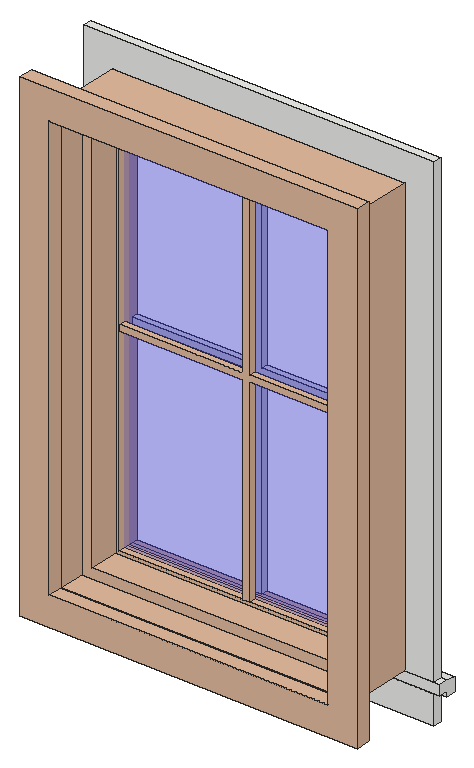
Revit family "a2eb19fcceb04a8a83b6a817a2debbfc", category Windows, host Wall, Revit 2026
Family settings
  Host = Wall
  Always vertical = Yes
  Cut with Voids When Loaded = No
  Shared = No
  Room Calculation Point = No
Parameters (values of type "600 x 900mm")
  Window Inset [instance] = 0 mm
  Wall Thickness [instance] = 150 mm
  Visual Light Transmittance = 0.81
  Thermal Resistance (R) = 0.319569 (m²·K)/W
  Solar Heat Gain Coefficient = 0.76
  Rough Width = Width + 15 mm  # 615 mm
  Rough Height = Height + 15 mm  # 915 mm
  Muntin Visibility = yes
  Muntin Pattern = M_Muntin Pattern_2x2 : M_Muntin Pattern_2x2
  Interior Wall Closure [instance] = 54.75 mm
  Interior Trim Visibility [instance] = yes
  Interior Trim Material = Wood - Stained
  Interior Trim = M_Trim-Window-Interior-Flat : Picture Frame
  Height = 900 mm
  Interior Frame Material = Wood - Stained
  Heat Transfer Coefficient (U) = 3.12929 W/(m²·K)
  Glass Panel Material = Glass
  Frame Extension [instance] = if(Exterior Trim Visibility, Window Inset + 6.35 mm, 6.35 mm)  # 6.35 mm
  Fire Rating = "0.5h"
  Exterior Wall Closure [instance] = 31.75 mm
  Exterior Trim Visibility [instance] = yes
  Exterior Trim Material = Clad - White
  Exterior Trim = M_Trim-Window-Exterior-Flat : with Sill
  Exterior Frame Material = Clad - White
  Extension Jamb Visibility [instance] = and(Interior Trim Visibility, Wall Thickness - Window Inset > 95.25 mm)  # yes
  Extension Jamb [instance] = if(Wall Thickness - Window Inset > 95.25 mm, Wall Thickness - Window Inset - 95.25 mm, 25.4 mm)  # 54.75 mm
  Default Sill Height = 900 mm
  Wall Closure = By host
  Width = 600 mm
  Analytic Construction = "Double glazing - domestic"
Reference planes
  plane 1 "Center (Front/Back)": y = 0
  plane 2: z = 0
  plane 3 "Center (Left/Right)": x = 0
  plane 4 "Left": x = -300
  plane 5 "Right": x = 300
  plane 6 "Sill": z = 900
  plane 7 "Top": z = 1800
  plane 8 "Inset Face": y = 75
  plane 9 "Wall Closure": y = -20.25
  plane 10 "Sash Face": y = 87.7
  plane 11 "Exterior": y = 75
  plane 12: x = 287.3
  plane 13: x = -287.3
  plane 14: z = 1787.3
  plane 15: z = 912.7
  plane 16: y = 55.95
  plane 17 "Glass": y = 65.475
  plane 18: y = 94.05
  plane 19: y = 94.05
  plane 20 "Interior": y = -75
  plane 21 "Jamb": y = -20.25
  plane 22 "Middle": z = 1350
  plane 23: z = 1350
  plane 24: x = 268.25
  plane 25: x = 261.9
  plane 26: x = -261.9
  plane 27: x = 261.9
  plane 28: z = 1761.9
  plane 29: z = 938.1
  plane 30: y = -20.25
  plane 31: y = 43.25
  plane 32: y = 94.05
Forms (mm)
  Sweep 1, solid, material "Wood - Stained" <- "Interior Frame Material"
    path origin (0, 87.7, 0) x (-1, 0, 0) y (0, 0, 1)
      loop
        line (-300, 900) -> (300, 900) -> (300, 1800) -> (-300, 1800) -> (-300, 900)
    profile origin (300, 87.7, 1350) x (1, 0, 0) y (0, 1, 0)
      loop
        line (0, 6.35) -> (-12.7, 6.35) -> (-12.7, -44.45) -> (-31.75, -44.45) -> (-31.75, -107.95) -> (0, -107.95) -> (0, 6.35)
  Extrusion 2, solid, material "Wood - Stained" <- "Interior Frame Material", visible <- "Extension Jamb Visibility"
    sketch origin (0, 0, 0) x (1, 0, 0) y (0, 0, 1)
      loop
        line (300, 1800) -> (-300, 1800) -> (-300, 900) -> (300, 900) -> (300, 1800)
      loop
        line (287.3, 912.7) -> (287.3, 1787.3) -> (-287.3, 1787.3) -> (-287.3, 912.7) -> (287.3, 912.7)
    from 20.25 to 75
  Sweep 3, solid, material "Wood - Stained" <- "Interior Frame Material"
    path origin (0, 87.7, 0) x (-1, 0, 0) y (0, 0, 1)
      loop
        line (-287.3, 1787.3) -> (-287.3, 912.7) -> (287.3, 912.7) -> (287.3, 1787.3) -> (-287.3, 1787.3)
    profile origin (287.3, 87.7, 1350) x (0, 1, 0) y (-1, 0, 0)
      loop
        line (0, 0) -> (0, 25.4) -> (-44.45, 25.4) -> (-44.45, 0) -> (0, 0)
  Extrusion 4, solid, material "Glass" <- "Glass Panel Material"
    sketch origin (0, 0, 900) x (0, -1, 0) y (1, 0, 0)
      loop
        line (-75, -261.9) -> (-68.65, -261.9) -> (-68.65, 261.9) -> (-75, 261.9) -> (-75, -261.9)
      loop
        line (-55.95, 261.9) -> (-62.3, 261.9) -> (-62.3, -261.9) -> (-55.95, -261.9) -> (-55.95, 261.9)
    from 38.1 to 861.9
Lines and regions (mm)
  Opening 1
    outline origin (-1524, -75, 0) x (1, 0, 0) y (0, 0, 1)
      loop
        line (1224, 1800) -> (1224, 900) -> (1824, 900) -> (1824, 1800) -> (1224, 1800)
  Split face 1
    outline origin (261.9, 87.7, 938.1) x (-1, 0, 0) y (0, -1, 0)
      loop
        line (523.8, 12.7) -> (0, 12.7)
  Split face 2
    outline origin (261.9, 87.7, 1761.9) x (0, 0, -1) y (0, -1, 0)
      loop
        line (0, 12.7) -> (823.8, 12.7)
  Split face 3
    outline origin (-261.9, 87.7, 938.1) x (0, 0, 1) y (0, -1, 0)
      loop
        line (823.8, 12.7) -> (0, 12.7)
  Split face 4
    outline origin (-261.9, 87.7, 1761.9) x (0, -1, 0) y (1, 0, 0)
      loop
        line (12.7, 0) -> (12.7, 523.8)
  Split face 5
    outline origin (287.3, 43.25, 912.7) x (0, 0, 1) y (0, 1, 0)
      loop
        line (874.6, 31.75) -> (0, 31.75)
  Split face 6
    outline origin (-287.3, 43.25, 912.7) x (1, 0, 0) y (0, 1, 0)
      loop
        line (0, 31.75) -> (574.6, 31.75)
  Split face 7
    outline origin (-287.3, 43.25, 1787.3) x (0, 0, -1) y (0, 1, 0)
      loop
        line (874.6, 44.45) -> (0, 44.45)
  Split face 8
    outline origin (287.3, 43.25, 1787.3) x (0, 1, 0) y (-1, 0, 0)
      loop
        line (44.45, 0) -> (44.45, 574.6)
Text (mm)
  text "EXTERIOR" at (-1490.695, 1293.036, 0), in view "Ref. Level"
  text "INTERIOR" at (-1490.695, -959.266, 0), in view "Ref. Level"
  text "Exterior" at (0, 1108.87, 3129.179), in view "Left"
  text "Exterior" at (0, 464.664, 3176.206), in view "Right"
Dimensions and locks
  equal spacing: plane 4 "Left", plane 3 "Center (Left/Right)", plane 5 "Right"
  "Width": plane 4 "Left" to plane 5 "Right"
  "Height": plane 6 "Sill" to plane 7 "Top"
  "Default Sill Height": plane 2 to plane 6 "Sill"
  locked: plane 10 "Sash Face" to plane 8 "Inset Face" at 12.7
  "Wall Thickness": host wall to host wall
  "Window Inset": plane 11 "Exterior" to plane 8 "Inset Face"
  locked: Sweep 1 sketch curve to plane 5 "Right" at 12.7
  locked: plane 12 to plane 5 "Right" at 12.7
  locked: plane 4 "Left" to plane 13 at 12.7
  locked: plane 14 to plane 7 "Top" at 12.7
  locked: plane 6 "Sill" to plane 15 at 12.7
  plane 16 to Sweep 3 = 12.7 mm
  equal spacing: plane 8 "Inset Face", plane 17 "Glass", plane 16
  locked: plane 8 "Inset Face" to plane 16 at 19.05
  locked: plane 18 to plane 11 "Exterior" at 19.05
  locked: plane 19 to plane 10 "Sash Face" at 6.35
  "Extension Jamb": plane 21 "Jamb" to plane 20 "Interior"
  locked: plane 8 "Inset Face" to plane 9 "Wall Closure" at 95.25
  equal spacing: plane 6 "Sill", plane 23, plane 7 "Top"
  plane 24 to plane 5 "Right" = 31.75 mm
  plane 25 to plane 12 = 25.4 mm
  locked: plane 4 "Left" to plane 26 at 38.1
  locked: plane 7 "Top" to plane 28 at 38.1
  locked: plane 29 to plane 6 "Sill" at 38.1
  locked: plane 27 to plane 5 "Right" at 38.1
  level to host wall = 7010.4 mm
  "Interior Wall Closure": plane 30 to plane 20 "Interior"
  "Exterior Wall Closure": plane 11 "Exterior" to plane 31
  "Frame Extension": plane 32 to plane 10 "Sash Face"
  aligned and locked: plane 7 "Top" to Opening 1 sketch curve
  aligned and locked: plane 6 "Sill" to Opening 1 sketch curve  (x2)
  aligned and locked: plane 5 "Right" to Opening 1 sketch curve
  aligned and locked: plane 4 "Left" to Opening 1 sketch curve
  aligned and locked: level to plane 2
  aligned and locked: host wall to plane 11 "Exterior"
  aligned and locked: plane 5 "Right" to Sweep 1 sketch curve
  aligned and locked: plane 7 "Top" to Sweep 1 sketch curve
  aligned and locked: Sweep 1 sketch curve to plane 4 "Left"
  aligned and locked: Sweep 1 sketch curve to plane 6 "Sill"
  aligned and locked: Extrusion 2 sketch curve to host wall  (x3)
  aligned and locked: plane 7 "Top" to Extrusion 2 sketch curve
  aligned and locked: host wall to Extrusion 2
  aligned and locked: Sweep 3 sketch curve to plane 12  (x2)
  aligned and locked: Sweep 3 sketch curve to plane 15
  aligned and locked: Split face 1 sketch curve to plane 8 "Inset Face"
  aligned and locked: plane 8 "Inset Face" to Split face 2 sketch curve
  aligned and locked: plane 8 "Inset Face" to Split face 3 sketch curve
  aligned and locked: Split face 4 sketch curve to plane 8 "Inset Face"
  aligned and locked: Extrusion 4 sketch curve to plane 8 "Inset Face"
  aligned and locked: Sweep 3 to Extrusion 4 sketch curve
  aligned and locked: Extrusion 4 sketch curve to plane 16
  aligned and locked: Extrusion 4 sketch curve to Sweep 3
  aligned and locked: plane 20 "Interior" to host wall
  aligned and locked: plane 21 "Jamb" to Extrusion 2
  aligned and locked: plane 9 "Wall Closure" to Sweep 1
  aligned and locked: nested 2 to plane 4 "Left"
  aligned and locked: plane 11 "Exterior" to nested 2
  aligned and locked: profile plane to Sweep 3 sketch curve
  aligned and locked: plane 13 to Sweep 3 sketch curve
  aligned and locked: plane 12 to Extrusion 2 sketch curve
  aligned and locked: Extrusion 2 sketch curve to plane 14
  aligned and locked: Extrusion 2 sketch curve to plane 13
  aligned and locked: plane 15 to Extrusion 2 sketch curve
  aligned and locked: plane 23 to plane 22 "Middle"
  aligned and locked: plane 14 to Sweep 3 sketch curve
  aligned and locked: Sweep 1 sketch curve to Sweep 3
  aligned and locked: Sweep 3 sketch curve to plane 25
  aligned and locked: Extrusion 4 sketch curve to plane 25  (x2)
  aligned and locked: Extrusion 4 to Sweep 3  (x2)
  aligned and locked: plane 8 "Inset Face" to Split face 5 sketch curve
  aligned and locked: Split face 6 sketch curve to plane 8 "Inset Face"
  aligned and locked: Split face 7 sketch curve to plane 10 "Sash Face"
  aligned and locked: plane 10 "Sash Face" to Split face 8 sketch curve
  aligned and locked: plane 7 "Top" to nested 2
  aligned and locked: nested 1 to plane 29
  aligned and locked: plane 15 to Extrusion 2
  aligned and locked: Extrusion 2 to plane 14
  aligned and locked: plane 17 "Glass" to nested 1
  aligned and locked: nested 1 to plane 28
  aligned and locked: plane 25 to nested 1
  aligned and locked: plane 26 to nested 1
  aligned and locked: plane 7 "Top" to nested 3
  aligned and locked: nested 3 to plane 3 "Center (Left/Right)"
  aligned and locked: plane 7 "Top" to nested 4
  aligned and locked: plane 3 "Center (Left/Right)" to nested 4
  aligned and locked: plane 32 to Sweep 1 sketch curve
Automatic sketch dimensions
  Sweep 3 sketch curve to plane 10 "Sash Face" = 44.45 mm
  Split face 1 sketch curve to Sweep 3 = 0 mm  (x2)
  Sweep 3 to Split face 2 sketch curve = 0 mm
  Split face 2 sketch curve to Sweep 3 = 0 mm
  Split face 3 sketch curve to Sweep 3 = 0 mm
  Sweep 3 to Split face 3 sketch curve = 0 mm
  Split face 4 sketch curve to Sweep 3 = 0 mm  (x2)
  plane 17 "Glass" to Extrusion 4 sketch curve = 3.175 mm
  Extrusion 4 sketch curve to plane 17 "Glass" = 3.175 mm
  Sweep 1 sketch curve to profile plane = 0 mm
  profile plane to Sweep 1 sketch curve = 31.75 mm
  Sweep 1 sketch curve to plane 10 "Sash Face" = 107.95 mm
  Split face 5 sketch curve to Sweep 1 = 0 mm
  Sweep 1 to Split face 5 sketch curve = 0 mm
  Split face 6 sketch curve to Sweep 1 = 0 mm  (x2)
  Sweep 1 to Split face 7 sketch curve = 0 mm
  Split face 7 sketch curve to Sweep 1 = 0 mm
  Split face 8 sketch curve to Sweep 1 = 0 mm  (x2)
Nested families
  nested 1: "M_Muntin Pattern_2x2" at (0, 65.475, 938.1) x (-1, 0, 0) z (0, 0, 1), type <- "Muntin Pattern", Exterior Material <- "Exterior Frame Material", Interior Material <- "Interior Frame Material", visible <- "Muntin Visibility", type "M_Muntin Pattern_2x2"
    with Width 523.8 mm, Interior Material Wood - Stained, Height 823.8 mm, Exterior Material Clad - White
  nested 2: "M_Plan-Fixed" at (0, 75, 900) x (-1, 0, 0) z (0, 0, 1), Width <- "Width", Wall Thickness <- "Wall Thickness", Height <- "Height", Window Inset <- "Window Inset", type "M_Plan-Fixed"
    with Window Inset of 3D 0 mm, Window Inset 0 mm, Width 600 mm, Wall Thickness 150 mm, Height 900 mm
  nested 3: "M_Trim-Window-Exterior-Flat" at (0, 75, 1800) x (-1, 0, 0) z (0, 1, 0), visible <- "Exterior Trim Visibility", Trim Material <- "Exterior Trim Material", Opening Width <- "Width", Opening Height <- "Height", type <- "Exterior Trim", type "with Sill"
    with Trim Material Clad - White, Opening Width 600 mm, Opening Height 900 mm
  nested 4: "M_Trim-Window-Interior-Flat" at (0, -75, 1800) x (1, 0, 0) z (0, -1, 0), visible <- "Interior Trim Visibility", Trim Material <- "Interior Trim Material", Opening Width <- "Width", Opening Height <- "Height", type <- "Interior Trim", type "Picture Frame"
    with Trim Material Wood - Stained, Opening Width 600 mm, Opening Height 900 mm
Definition of nested family "M_Muntin Pattern_2x2"
  Parameters (values of type "M_Muntin Pattern_2x2")
    Width [instance] = 1200 mm
    Thickness = 12.7 mm
    Height [instance] = 1200 mm
    Interior Material [instance] = none
    Exterior Material [instance] = none
    Distance = 19.05 mm
    Default Elevation = 0 mm
  Reference planes
    plane 1 "Center (Front/Back)": y = 0
    plane 2: z = 0
    plane 3 "Center (Left/Right)": x = 0
    plane 4: z = 1200
    plane 5: x = -600
    plane 6: x = 600
    plane 7: z = 600
    plane 8: y = 9.525
    plane 9: y = 22.225
    plane 10: y = -9.525
    plane 11: y = -22.225
  Forms (mm)
    Extrusion 1, solid, material <- "Interior Material", detail levels fine
      sketch origin (0, 0, 0) x (1, 0, 0) y (0, 0, 1)
        loop
          line (-600, 606.35) -> (-600, 593.65) -> (-6.35, 593.65) -> (-6.35, 0) -> (6.35, 0) -> (6.35, 593.65) -> (600, 593.65) -> (600, 606.35) -> (6.35, 606.35) -> (6.35, 1200) -> (-6.35, 1200) -> (-6.35, 606.35) -> (-600, 606.35)
      from 9.525 to 22.225
    Extrusion 2, solid, material <- "Exterior Material", detail levels fine
      sketch origin (0, 0, 0) x (1, 0, 0) y (0, 0, -1)
        loop
          line (-600, -606.35) -> (-6.35, -606.35) -> (-6.35, -1200) -> (6.35, -1200) -> (6.35, -606.35) -> (600, -606.35) -> (600, -593.65) -> (6.35, -593.65) -> (6.35, 0) -> (-6.35, 0) -> (-6.35, -593.65) -> (-600, -593.65) -> (-600, -606.35)
      from 9.525 to 22.225
  Lines and regions (mm)
    model lines, detail levels medium
      curve 1: line (0, 9.525, 1200) -> (0, 9.525, 0)
      curve 2: line (-600, -9.525, 600) -> (600, -9.525, 600)
      curve 3: line (-600, 9.525, 600) -> (600, 9.525, 600)
      curve 4: line (0, -9.525, 1200) -> (0, -9.525, 0)
  Dimensions and locks
    equal spacing: plane 6, plane 3 "Center (Left/Right)", plane 5
    "Width": plane 6 to plane 5
    "Height": plane 4 to plane 2
    equal spacing: plane 4, plane 7, plane 2
    locked: plane 3 "Center (Left/Right)" to Extrusion 1 sketch curve at 6.35  (x4)
    locked: Extrusion 1 sketch curve to plane 7 at 6.35  (x2)
    locked: plane 7 to Extrusion 1 sketch curve at 6.35  (x2)
    "Thickness": plane 9 to plane 8
    "Thickness": plane 10 to plane 11
    "Distance": plane 8 to plane 10
    equal spacing: plane 8, plane 1 "Center (Front/Back)", plane 10
    aligned and locked: plane 2 to level
    aligned and locked: plane 4 to curve 1
    aligned and locked: plane 5 to curve 2
    aligned and locked: plane 2 to curve 1
    aligned and locked: plane 6 to curve 2
    aligned and locked: Extrusion 1 sketch curve to plane 4
    aligned and locked: Extrusion 1 sketch curve to plane 6
    aligned and locked: Extrusion 1 sketch curve to plane 5
    aligned and locked: Extrusion 1 sketch curve to level
    aligned and locked: Extrusion 1 to plane 11
    aligned and locked: plane 10 to Extrusion 1
    aligned and locked: Extrusion 2 to plane 5
    aligned and locked: plane 6 to Extrusion 2
    aligned and locked: Extrusion 2 to plane 8
    aligned and locked: plane 9 to Extrusion 2
    aligned and locked: Extrusion 2 to plane 2
    aligned and locked: plane 4 to Extrusion 2
    aligned and locked: plane 5 to curve 3
    aligned and locked: plane 6 to curve 3
    aligned and locked: plane 4 to curve 4
    aligned and locked: plane 2 to curve 4
    aligned and locked: plane 8 to curve 3
  Automatic sketch dimensions
    curve 2 to plane 7 = 0 mm
    Extrusion 2 sketch curve to plane 5 = 0 mm
    Extrusion 2 sketch curve to level = 0 mm
    Extrusion 2 sketch curve to plane 4 = 0 mm
    Extrusion 2 sketch curve to plane 6 = 0 mm
    Extrusion 2 sketch curve to plane 3 "Center (Left/Right)" = 6.35 mm  (x2)
    plane 3 "Center (Left/Right)" to Extrusion 2 sketch curve = 6.35 mm  (x2)
    plane 7 to Extrusion 2 sketch curve = 6.35 mm  (x2)
    Extrusion 2 sketch curve to plane 7 = 6.35 mm  (x2)
    curve 4 to plane 3 "Center (Left/Right)" = 0 mm
    curve 4 to level = 0 mm
    curve 4 to plane 4 = 0 mm
    curve 3 to plane 6 = 0 mm
    curve 1 to plane 3 "Center (Left/Right)" = 0 mm
    curve 3 to plane 5 = 0 mm
    curve 3 to plane 7 = 0 mm
Definition of nested family "M_Trim-Window-Exterior-Flat"
  Parameters (values of type "with Sill")
    Trim Width = 60 mm
    Trim Thickness_Picture Frame = 30 mm
    Trim Thickness_with Sill = 19.05 mm
    Trim Material [instance] = none
    Sill Thickness = 30 mm
    Sill = yes
    Picture Frame = no
    Opening Width [instance] = 600 mm
    Opening Height [instance] = 900 mm
    Default Elevation = 1200 mm
  Types (2, lengths in mm): name | Sill | Picture Frame
    with Sill | yes | no
    Picture Frame | no | yes
  Reference planes
    plane 1 "Center (Front/Back)": y = 0
    plane 2: z = 0
    plane 3 "Center (Left/Right)": x = 0
    plane 4: y = 60
    plane 5 "Left": x = -300
    plane 6 "Right": x = 300
    plane 7 "Bottom": y = -900
    plane 8: y = -930
    plane 9: y = -980.432
    plane 10: x = 360
    plane 11: x = -360
    plane 12: z = 19.05
    plane 13: z = 30
    plane 14: x = 372.7
    plane 15: x = -372.7
    plane 16: y = -920.432
    plane 17: y = -960
    plane 18: z = 12.7
    plane 19: y = -450
    plane 20: z = 38.1
  Forms (mm)
    Extrusion 1, solid
      sketch origin (0, 0, 0) x (1, 0, 0) y (0, 1, 0)
        loop
          line (-361.95, 57.15) -> (-361.95, -993.732) -> (361.95, -993.732) -> (361.95, 57.15) -> (-361.95, 57.15)
      from 0 to -304.8
    Extrusion 2, solid, material <- "Trim Material", visible <- "Sill"
      sketch origin (0, 0, 0) x (1, 0, 0) y (0, 1, 0)
        loop
          line (-360, -900) -> (-300, -900) -> (-300, 0) -> (300, 0) -> (300, -900) -> (360, -900) -> (360, 60) -> (-360, 60) -> (-360, -900)
      from 0 to 19.05
    Extrusion 3, solid, material <- "Trim Material", visible <- "Sill"
      sketch origin (0, 0, 0) x (0, 1, 0) y (0, 0, 1)
        loop
          line (-902.458, 38.1) -> (-930, 38.1) -> (-930, 19.05) -> (-920.432, 19.05) -> (-920.432, 0) -> (-900, 0) -> (-900, 19.05) -> (-902.458, 38.1)
      from -372.7 to 372.7
    Extrusion 4, solid, material <- "Trim Material", visible <- "Sill"
      sketch origin (0, 0, 0) x (1, 0, 0) y (0, 1, 0)
        loop
          line (-360, -920.432) -> (-360, -980.432) -> (360, -980.432) -> (360, -920.432) -> (-360, -920.432)
      from 0 to 19.05
    Extrusion 5, solid, material <- "Trim Material", visible <- "Picture Frame"
      sketch origin (0, 0, 0) x (1, 0, 0) y (0, 1, 0)
        loop
          line (-300, 0) -> (-300, -900) -> (300, -900) -> (300, 0) -> (-300, 0)
        loop
          line (-360, 60) -> (-360, -960) -> (360, -960) -> (360, 60) -> (-360, 60)
      from 0 to 30
  Dimensions and locks
    equal spacing: plane 5 "Left", plane 3 "Center (Left/Right)", plane 6 "Right"
    "Opening Width": plane 5 "Left" to plane 6 "Right"
    "Opening Height": plane 7 "Bottom" to plane 1 "Center (Front/Back)"
    "Sill Thickness": plane 7 "Bottom" to plane 8
    "Trim Width": plane 11 to plane 5 "Left"
    "Trim Width": plane 6 "Right" to plane 10
    "Trim Width": plane 1 "Center (Front/Back)" to plane 4
    locked: plane 15 to plane 11 at 12.7
    locked: plane 10 to plane 14 at 12.7
    locked: plane 16 to plane 8 at 9.568
    "Trim Width": plane 9 to plane 16
    "Trim Width": plane 17 to plane 7 "Bottom"
    locked: plane 18 to plane 2 at 12.7
    equal spacing: plane 7 "Bottom", plane 19, plane 1 "Center (Front/Back)"
    locked: plane 20 to plane 12 at 19.05
    "Trim Thickness_with Sill": plane 12 to plane 2
    "Trim Thickness_Picture Frame": plane 13 to plane 2
    aligned and locked: plane 2 to Extrusion 1
    aligned and locked: level to Extrusion 1
    aligned and locked: Extrusion 2 sketch curve to plane 5 "Left"
    aligned and locked: Extrusion 2 sketch curve to plane 11
    aligned and locked: plane 7 "Bottom" to Extrusion 2 sketch curve  (x2)
    aligned and locked: plane 1 "Center (Front/Back)" to Extrusion 2 sketch curve
    aligned and locked: plane 10 to Extrusion 2 sketch curve
    aligned and locked: Extrusion 2 sketch curve to plane 6 "Right"
    aligned and locked: plane 12 to Extrusion 2
    aligned and locked: Extrusion 3 sketch curve to level
    aligned and locked: plane 7 "Bottom" to Extrusion 3 sketch curve
    aligned and locked: Extrusion 3 sketch curve to plane 8
    aligned and locked: plane 15 to Extrusion 3
    aligned and locked: Extrusion 3 to plane 14
    aligned and locked: plane 10 to Extrusion 4 sketch curve
    aligned and locked: Extrusion 4 sketch curve to plane 11
    aligned and locked: plane 16 to Extrusion 4 sketch curve
    aligned and locked: plane 9 to Extrusion 4 sketch curve
    aligned and locked: Extrusion 4 to Extrusion 2
    aligned and locked: Extrusion 2 sketch curve to plane 4
    aligned and locked: plane 1 "Center (Front/Back)" to Extrusion 5 sketch curve
    aligned and locked: Extrusion 5 sketch curve to plane 4
    aligned and locked: Extrusion 5 sketch curve to plane 17
    aligned and locked: plane 7 "Bottom" to Extrusion 5 sketch curve
    aligned and locked: Extrusion 5 sketch curve to plane 6 "Right"
    aligned and locked: plane 10 to Extrusion 5 sketch curve
    aligned and locked: Extrusion 5 sketch curve to plane 5 "Left"
    aligned and locked: Extrusion 5 sketch curve to plane 11
    aligned and locked: plane 13 to Extrusion 5
    aligned and locked: plane 20 to Extrusion 3
  Automatic sketch dimensions
    Extrusion 1 sketch curve to Extrusion 1 sketch curve = 723.9 mm
    Extrusion 1 sketch curve to Extrusion 1 sketch curve = 1050.882 mm
    Extrusion 3 sketch curve to plane 16 = 0 mm
    Extrusion 3 sketch curve to plane 12 = 0 mm  (x2)
    Extrusion 3 sketch curve to plane 7 "Bottom" = 2.458 mm
    plane 13 to Extrusion 3 sketch curve = 8.1 mm
Definition of nested family "M_Trim-Window-Interior-Flat"
  Parameters (values of type "with Sill")
    Trim Thickness_Picture Frame = 30 mm
    Trim Width = 60 mm
    Trim Thickness_with Sill = 20 mm
    Trim Material [instance] = none
    Sill Thickness = 30 mm
    Sill = yes
    Picture Frame = no
    Opening Width [instance] = 600 mm
    Opening Height [instance] = 900 mm
    Default Elevation = 1200 mm
  Types (2, lengths in mm): name | Sill | Picture Frame
    with Sill | yes | no
    Picture Frame | no | yes
  Reference planes
    plane 1 "Center (Front/Back)": y = 0
    plane 2: z = 0
    plane 3 "Center (Left/Right)": x = 0
    plane 4: y = 47.3
    plane 5 "Left": x = -300
    plane 6 "Right": x = 300
    plane 7 "Bottom": y = -900
    plane 8: y = -930
    plane 9: y = -980.432
    plane 10: x = 347.3
    plane 11: x = -347.3
    plane 12: z = 20
    plane 13: z = 30
    plane 14: x = 360
    plane 15: x = -360
    plane 16: y = -920.432
    plane 17: y = -947.3
    plane 18: z = 12.7
    plane 19: x = -287.3
    plane 20: y = -12.7
    plane 21: x = 287.3
    plane 22: y = -887.3
    plane 23: x = -334.6
    plane 24: x = 334.6
    plane 25: y = -450
  Forms (mm)
    Extrusion 1, solid
      sketch origin (0, 0, 0) x (1, 0, 0) y (0, 1, 0)
        loop
          line (-349.25, 44.45) -> (-349.25, -958.85) -> (349.25, -958.85) -> (349.25, 44.45) -> (-349.25, 44.45)
      from 0 to -304.8
    Extrusion 2, solid, material <- "Trim Material", visible <- "Sill"
      sketch origin (0, 0, 0) x (1, 0, 0) y (0, 1, 0)
        loop
          line (-334.6, -900) -> (-287.3, -900) -> (-287.3, 0) -> (287.3, 0) -> (287.3, -900) -> (334.6, -900) -> (334.6, 47.3) -> (-334.6, 47.3) -> (-334.6, -900)
      from 0 to 20
    Extrusion 3, solid, material <- "Trim Material", visible <- "Sill"
      sketch origin (0, 0, 0) x (0, 1, 0) y (0, 0, 1)
        loop
          line (-912.7, 39.05) -> (-920.432, 39.05) -> (-920.432, 0) -> (-900, 0) -> (-900, 26.35)
          arc (-900, 26.35) -> (-903.72, 35.33) -> (-912.7, 39.05) r 12.7
      from -347.3 to 347.3
    Extrusion 4, solid, material <- "Trim Material", visible <- "Sill"
      sketch origin (0, 0, 0) x (1, 0, 0) y (0, 1, 0)
        loop
          line (-334.6, -920.432) -> (-334.6, -980.432) -> (334.6, -980.432) -> (334.6, -920.432) -> (-334.6, -920.432)
      from 0 to 20
    Extrusion 5, solid, material <- "Trim Material", visible <- "Picture Frame"
      sketch origin (0, 0, 0) x (1, 0, 0) y (0, 1, 0)
        loop
          line (-287.3, -12.7) -> (-287.3, -887.3) -> (287.3, -887.3) -> (287.3, -12.7) -> (-287.3, -12.7)
        loop
          line (-347.3, 47.3) -> (-347.3, -947.3) -> (347.3, -947.3) -> (347.3, 47.3) -> (-347.3, 47.3)
      from 0 to 30
  Dimensions and locks
    equal spacing: plane 5 "Left", plane 3 "Center (Left/Right)", plane 6 "Right"
    "Opening Width": plane 5 "Left" to plane 6 "Right"
    "Opening Height": plane 7 "Bottom" to plane 1 "Center (Front/Back)"
    "Sill Thickness": plane 7 "Bottom" to plane 8
    "Trim Width": plane 11 to plane 19
    "Trim Width": plane 21 to plane 10
    "Trim Width": plane 20 to plane 4
    "Trim Thickness_with Sill": plane 12 to plane 2
    locked: plane 15 to plane 11 at 12.7
    locked: plane 10 to plane 14 at 12.7
    locked: plane 16 to plane 8 at 9.568
    "Trim Width": plane 9 to plane 16
    "Trim Width": plane 17 to plane 22
    plane 20 to plane 1 "Center (Front/Back)" = 12.7 mm
    plane 5 "Left" to plane 19 = 12.7 mm
    plane 21 to plane 6 "Right" = 12.7 mm
    plane 22 to plane 7 "Bottom" = 12.7 mm
    locked: plane 11 to plane 23 at 12.7
    locked: plane 24 to plane 10 at 12.7
    equal spacing: plane 7 "Bottom", plane 25, plane 1 "Center (Front/Back)"
    "Trim Thickness_Picture Frame": plane 13 to plane 2
    locked: Extrusion 3 to plane 12 at 19.05
    locked: plane 12 to Extrusion 3 sketch curve at 19.05
    radius of Extrusion 3 sketch curve = 12.7 mm
    aligned and locked: plane 2 to Extrusion 1
    aligned and locked: level to Extrusion 1
    aligned and locked: plane 7 "Bottom" to Extrusion 2 sketch curve  (x2)
    aligned and locked: plane 1 "Center (Front/Back)" to Extrusion 2 sketch curve
    aligned and locked: plane 12 to Extrusion 2
    aligned and locked: Extrusion 3 sketch curve to level
    aligned and locked: plane 7 "Bottom" to Extrusion 3 sketch curve
    aligned and locked: plane 16 to Extrusion 4 sketch curve
    aligned and locked: plane 9 to Extrusion 4 sketch curve
    aligned and locked: Extrusion 2 sketch curve to plane 4
    aligned and locked: Extrusion 5 sketch curve to plane 4
    aligned and locked: Extrusion 5 sketch curve to plane 17
    aligned and locked: plane 10 to Extrusion 5 sketch curve
    aligned and locked: Extrusion 5 sketch curve to plane 11
    aligned and locked: plane 13 to Extrusion 5
    aligned and locked: Extrusion 5 sketch curve to plane 20
    aligned and locked: Extrusion 5 sketch curve to plane 19
    aligned and locked: Extrusion 5 sketch curve to plane 21
    aligned and locked: plane 22 to Extrusion 5 sketch curve
    aligned and locked: Extrusion 4 to plane 24
    aligned and locked: plane 11 to Extrusion 3
    aligned and locked: Extrusion 3 to plane 10
    aligned and locked: Extrusion 2 sketch curve to plane 21
    aligned and locked: Extrusion 2 sketch curve to plane 24
    aligned and locked: Extrusion 2 sketch curve to plane 19
    aligned and locked: Extrusion 2 sketch curve to plane 23
    aligned and locked: plane 12 to Extrusion 4
  Automatic sketch dimensions
    Extrusion 1 sketch curve to Extrusion 1 sketch curve = 698.5 mm
    Extrusion 1 sketch curve to Extrusion 1 sketch curve = 1003.3 mm
    Extrusion 3 sketch curve to plane 16 = 0 mm
    Extrusion 4 sketch curve to plane 11 = 12.7 mm
    Extrusion 4 sketch curve to plane 24 = 0 mm
Definition of nested family "M_Plan-Fixed"
  Parameters (values of type "M_Plan-Fixed")
    Window Inset [instance] = 25 mm
    Window Inset of 3D [instance] = if(Window Inset - 12.7 mm < 0 mm, 0 mm, if(Window Inset - 12.7 mm < Wall Thickness - 88.9 mm, Window Inset - 12.7 mm, Wall Thickness - 88.9 mm))  # 12.3 mm
    Width [instance] = 1200 mm
    Wall Thickness [instance] = 150 mm
    Height [instance] = 900 mm
    Default Elevation = 1200 mm
    Analytic Construction = "<None>"
  Reference planes
    plane 1 "Center (Front/Back)": y = 0
    plane 2: z = 0
    plane 3 "Center (Left/Right)": x = 0
    plane 4: x = -600
    plane 5: x = 600
    plane 6 "Jamb": y = -101.2
    plane 7: x = -587.3
    plane 8: x = -568.25
    plane 9: y = -12.3
    plane 10: y = -56.75
    plane 11: y = -34.525
    plane 12: x = -561.9
    plane 13: x = 587.3
    plane 14: x = 568.25
    plane 15: x = 561.9
    plane 16 "Window Inset": y = -25
    plane 17 "Wall": y = -150
    plane 18: z = 900
    plane 19: z = 887.3
    plane 20: z = 12.7
    plane 21: z = 868.25
    plane 22: z = 31.75
    plane 23: z = 861.9
    plane 24: z = 38.1
  Lines and regions (mm)
    Masking region 1
      outline origin (0, 19.05, 0) x (1, 0, 0) y (0, 1, 0)
        loop
          line (-600, -169.05) -> (600, -169.05) -> (600, -19.05) -> (-600, -19.05) -> (-600, -169.05)
    Masking region 2
      outline origin (0, 0, 0) x (0, 1, 0) y (0, 0, 1)
        loop
          line (-150, 900) -> (-150, 0) -> (0, 0) -> (0, 900) -> (-150, 900)
    symbolic lines
      curve 1: line (-587.3, -56.75, 0) -> (-568.25, -56.75, 0)
      curve 2: line (-568.25, -56.75, 0) -> (-568.25, -101.2, 0)
      curve 3: line (-587.3, -12.3, 0) -> (-587.3, -56.75, 0)
      curve 4: line (-600, -12.3, 0) -> (-561.9, -12.3, 0)
      curve 5: line (-561.9, -12.3, 0) -> (-561.9, -56.75, 0)
      curve 6: line (-561.9, -56.75, 0) -> (-568.25, -56.75, 0)
      curve 7: line (-561.9, -34.525, 0) -> (561.9, -34.525, 0)
      curve 8: line (587.3, -56.75, 0) -> (568.25, -56.75, 0)
      curve 9: line (568.25, -56.75, 0) -> (568.25, -101.2, 0)
      curve 10: line (587.3, -12.3, 0) -> (587.3, -56.75, 0)
      curve 11: line (561.9, -12.3, 0) -> (561.9, -56.75, 0)
      curve 12: line (561.9, -56.75, 0) -> (568.25, -56.75, 0)
      curve 13: line (-600, -101.2, 0) -> (-568.25, -101.2, 0)
      curve 14: line (568.25, -101.2, 0) -> (600, -101.2, 0)
      curve 15: line (0, -12.3, 887.3) -> (0, -56.75, 887.3)
      curve 16: line (0, -56.75, 868.25) -> (0, -101.2, 868.25)
      curve 17: line (0, -101.2, 0) -> (0, -101.2, 31.75)
      curve 18: line (0, -12.3, 12.7) -> (0, -56.75, 12.7)
      curve 19: line (0, -56.75, 12.7) -> (0, -56.75, 38.1)
      curve 20: line (0, -56.75, 31.75) -> (0, -101.2, 31.75)
      curve 21: line (0, -12.3, 900) -> (0, -12.3, 861.9)
      curve 22: line (0, -12.3, 861.9) -> (0, -56.75, 861.9)
      curve 23: line (0, -56.75, 38.1) -> (0, -12.3, 38.1)
      curve 24: line (0, -34.525, 38.1) -> (0, -34.525, 861.9)
      curve 25: line (0, -56.75, 887.3) -> (0, -56.75, 861.9)
      curve 26: line (561.9, -12.3, 0) -> (600, -12.3, 0)
      curve 27: line (0, -101.2, 868.25) -> (0, -101.2, 900)
      curve 28: line (0, -12.3, 38.1) -> (0, -12.3, 0)
      curve 29: line (-561.9, -12.3, 0) -> (561.9, -12.3, 0)
      curve 30: line (568.25, -101.2, 0) -> (-568.25, -101.2, 0)
      curve 31: line (0, -12.3, 861.9) -> (0, -12.3, 38.1)
      curve 32: line (0, -101.2, 31.75) -> (0, -101.2, 868.25)
  Dimensions and locks
    "Width": plane 4 to plane 5
    equal spacing: plane 4, plane 3 "Center (Left/Right)", plane 5
    plane 4 to plane 7 to plane 8 = 12.7 mm locked, 19.05 mm locked
    equal spacing: plane 9, plane 11, plane 10
    plane 5 to plane 13 to plane 14 = 12.7 mm locked, 19.05 mm locked
    locked: plane 9 to plane 16 "Window Inset" at 12.7
    locked: plane 9 to plane 10 at 44.45
    "Wall Thickness": plane 17 "Wall" to plane 1 "Center (Front/Back)"
    "Height": plane 18 to plane 2
    locked: plane 18 to plane 19 at 12.7
    locked: plane 20 to plane 2 at 12.7
    locked: plane 19 to plane 21 at 19.05
    locked: plane 22 to plane 20 at 19.05
    locked: plane 10 to plane 6 "Jamb" at 44.45
    "Window Inset of 3D": plane 9 to plane 1 "Center (Front/Back)"
    locked: plane 7 to plane 12 at 25.4
    locked: plane 15 to plane 13 at 25.4
    locked: plane 19 to plane 23 at 25.4
    locked: plane 24 to plane 20 at 25.4
    aligned and locked: plane 2 to level
    aligned and locked: curve 2 to plane 8
    aligned and locked: curve 1 to plane 10
    aligned and locked: plane 4 to Masking region 1 sketch curve
    aligned and locked: Masking region 1 sketch curve to plane 5
    aligned and locked: plane 14 to curve 9
    aligned and locked: Masking region 1 sketch curve to plane 17 "Wall"
    aligned and locked: curve 13 to plane 6 "Jamb"
    aligned and locked: curve 14 to plane 6 "Jamb"
    aligned and locked: plane 1 "Center (Front/Back)" to Masking region 1 sketch curve
    aligned and locked: Masking region 2 sketch curve to plane 18
    aligned and locked: plane 17 "Wall" to Masking region 2 sketch curve
    aligned and locked: level to Masking region 2 sketch curve
    aligned and locked: plane 6 "Jamb" to curve 17
    aligned and locked: plane 21 to curve 16
    aligned and locked: plane 19 to curve 15
    aligned and locked: plane 22 to curve 20
    aligned and locked: plane 10 to curve 19  (x2)
    aligned and locked: plane 20 to curve 18
    aligned and locked: curve 21 to plane 9
    aligned and locked: plane 23 to curve 22
    aligned and locked: curve 23 to plane 24
    aligned and locked: plane 11 to curve 24
    aligned and locked: plane 4 to curve 4
    aligned and locked: plane 5 to curve 26
    aligned and locked: plane 18 to curve 21
    aligned and locked: plane 9 to curve 15
    aligned and locked: plane 9 to curve 18
    aligned and locked: plane 2 to curve 28
    aligned and locked: plane 9 to curve 3
    aligned and locked: plane 9 to curve 10
    aligned and locked: curve 25 to plane 10
    aligned and locked: plane 19 to curve 25
    aligned and locked: plane 23 to curve 25
    aligned and locked: plane 2 to curve 17
    aligned and locked: curve 26 to plane 9
    aligned and locked: curve 4 to plane 9
    aligned and locked: curve 5 to plane 12
    aligned and locked: plane 15 to curve 11
    aligned and locked: curve 7 to plane 11
    aligned and locked: curve 12 to plane 10
    aligned and locked: plane 10 to curve 8
    aligned and locked: plane 6 "Jamb" to curve 27
  Automatic sketch dimensions
    Masking region 2 sketch curve to plane 1 "Center (Front/Back)" = 0 mm
    curve 13 to plane 4 = 0 mm
    curve 3 to plane 7 = 0 mm
    curve 10 to plane 13 = 0 mm
    curve 14 to plane 5 = 0 mm
    curve 18 to plane 20 = 0 mm
    curve 27 to plane 18 = 0 mm
